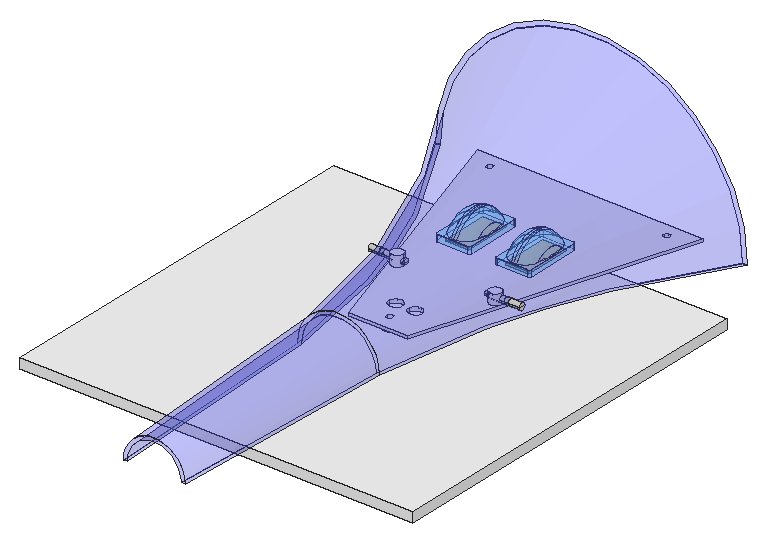
Revit family "BE_50133_de_DE", category Leuchten, Revit 2015
Parameters (values of type "BEGA_50133_K3")
  built-in parameter 1150104 = 8.8258 (stored number, unit not read)
  Wattage = 32 W
  Default Elevation = 0 mm
  built-in parameter 1150113 = 1 (stored number, unit not read)
  built-in parameter 1114218 = 1 (stored number, unit not read)
  Umgebungstemperatur = "25 °C"
  URL = "http://www.bega.de/produkt/50133"
  Typenkommentare = "© 2017 BEGA. Wir behalten uns das Recht vor, technische Änderungen ohne vorherige Ankündigung vorzunehmen."  # constant formula
  built-in parameter 1150134 = (empty or 0)
  built-in parameter 1150109 = 1 (stored number, unit not read)
  Strom = ""
  built-in parameter 1150110 = 1 (stored number, unit not read)
  Spannung = 230 V
  Sonderanfertigung = no
  Seriennummer [instance] = "Hier können Sie die eindeutige Seriennummer für das Facility Management eintragen."
  Schutzklasse = "I"
  Schutzart = ""
  Scheinlast = 0 VA
  Produktdatenblatt = "http://www.bega.de/download/Xrfa/db/50133.db.de.pdf"
  Oberflächentemperatur = ""
  Neigungswinkel = 0.00°
  Modell = "50133K3"
  Material_17 = BEGA_Reflektor
  Material_15 = BEGA_Leuchtmedium_matt
  Material_12 = BEGA_Kunststoff_klar
  Material_11 = BEGA_Glas_opal
  Material_09 = BEGA_Glas_klar
  Material_06 = BEGA_Oberfläche_Edelstahl_gebürstet
  Material_05 = BEGA_Oberfläche_Aluminium Guss
  Material_03 = BEGA_Oberfläche_Weiss_matt
  Material_02 = BEGA_Oberfläche_Silber_matt
  Material_01 [instance] = BEGA_Oberfläche_Grafit_matt
  M_W = no
  M_G = no
  M_A = no
  Logo = 0
  built-in parameter 1114217 = 1 (stored number, unit not read)
  built-in parameter 1150139 = (empty or 0)
  built-in parameter 1150105 = 241.92 (stored number, unit not read)
  built-in parameter 1150114 = 1 (stored number, unit not read)
  Lumens = 3040 lm
  built-in parameter 1150115 = 1 (stored number, unit not read)
  Leuchtenlichtstrom = "2556 lm"
  Leuchtenanzahl = ""
  Lebensdauerkriterien = "L70B50 @ 25 °C =  h"
  Lastklassifizierung = Beleuchtung
  built-in parameter 1150112 = 1 (stored number, unit not read)
  Lampenlichtstrom = "3040 lm"
  Lampe = "LED 32 W"
  LED_Modulbezeichnung = "2x LED-0608/830 "
  Hersteller = "BEGA"  # constant formula
  Halbstreuwinkel = ""
  Gewicht = "1.85 kg"
  Gebrauchslageneinschränkung [instance] = ""
  Frequenz = "50/60 Hz"
  Farbwiedergabeindex = "Ra > 80"
  Farbtemperaturverschiebung bei Dämpfen der Lampe = <Keine Auswahl>
  Farbtemperatur = "3000 K"
  Color Filter = 16777215
  built-in parameter 1150133 = 10 (stored number, unit not read)
  Energieeffizienzklasse = "LED A++ - A"
  built-in parameter 1150137 = (empty or 0)
  built-in parameter 1150132 = (empty or 0)
  ENEC = ""
  Dimmbar [instance] = ""
  Datei für fotometrisches Netz = "BE_50133.IES"
  CE_Konformität = "ja"
  Bestellnummer = "50133K3"
  Beschreibung_Sonderanfertigung = "Hier können Sie Informationen zur Sonderanfertigung eintragen."
  Beschreibung = "Wandleuchte"
  built-in parameter 1150106 = 2.4192 (stored number, unit not read)
  Befestigungsbohrung = "Ø 6,5 mm"
  Befestigungsabstand = "180 x 240 mm"
  Ballwurfsicher = ""
  BEGA_Intern_aus = yes
  BEGA_Intern_an = yes
  BEGA_Intern_Konstruktion = yes
  BEGA_Intern = yes
  BEGA_IES = yes
  BEGA_Dummy = no
  Anschlussleitung = ""
  Anschlussleistung [instance] = "32 W"
  Anschlusskasten = ""
  built-in parameter 1150107 = 3000 (stored number, unit not read)
  built-in parameter 1150102 = (empty or 0)
  built-in parameter 1150138 = (empty or 0)
  Aktualisierung = "2017-09-15T04:10:31"
  Abstand_zur_angestrahlten_Fläche [instance] = ""
  AC/DC = "AC"
Reference planes
  plane 1 "Mitte (Vorne/Hinten)": y = 0
  plane 2: z = 0
  plane 3 "Mitte (Links/Rechts)": x = 0
  plane 4 "Links": x = -159
  plane 5 "Rechts": x = 159
  plane 6 "Unten": y = -278.5
  plane 7 "Oben": y = 278.5
  plane 8 "Vorne": z = 159
  plane 9 "Hinten": z = 0
Forms (mm)
  Extrusion 1, solid, material "BEGA_Platte_Weiss"
    sketch origin (0, -1119.2, 0) x (1, 0, 0) y (0, 1, 0)
      loop
        line (-200, 1319.2) -> (-200, 919.2) -> (200, 919.2) -> (200, 1319.2) -> (-200, 1319.2)
    from 0 to -10
  Extrusion 2, solid, material "BEGA_Dummy_matt", visible <- "BEGA_Dummy"
    sketch origin (80.095, -76.023, 0) x (1, 0, 0) y (0, 1, 0)
      loop
        line (-239.095, 354.523) -> (-239.095, -202.477) -> (78.905, -202.477) -> (78.905, 354.523) -> (-239.095, 354.523)
    from 0 to 159
Dimensions and locks
  plane 1 "Mitte (Vorne/Hinten)" to Extrusion 1 = 200 mm
  aligned and locked: plane 2 to Extrusion 1
  aligned and locked: level to Extrusion 1
Nested families
  nested 1: "BE_50133" at (0, 0, 0), type "BE_50133"
Connectors
  electrical at (0, 0, 0), driven by "Lastklassifizierung", driven by "Spannung", driven by "Scheinlast"
    settings: index 1, voltage 230 V, apparent load 0 VA, apparent load phase1 0 VA, apparent load phase2 0 VA, apparent load phase3 0 VA, power factor 1, load classification "Beleuchtung", number of poles 1, system type 31, power factor state 1, is connector primary yes, connector utility no, sub classification motor no, connector description ""
Definition of nested family "BE_50133"
  Parameters (values of type "BE_50133")
    Default Elevation = 1 mm
    URL = "http://www.bega.de/de/produkt"
    Type Comments = "© 2015 BEGA. Wir behalten uns das Recht vor, technische Änderungen ohne vorherige Ankündigung vorzunehmen. "  # constant formula
    Type Image = (empty or 0)
    Neigungswinkel_um_Z2 = 0.00°
    Neigungswinkel_um_Z1 = 0.00°
    Neigungswinkel_um_Y2 = 0.00°
    Neigungswinkel_um_Y1 = 0.00°
    Neigungswinkel_um_X2 = 0.00°
    Neigungswinkel_um_X1 = 0.00°
    Material_17 = none
    Material_15 = none
    Material_12 = none
    Material_11 = none
    Material_09 = none
    Material_06 = none
    Material_05 = none
    Material_03 = none
    Material_02 = none
    Material_01 = none
    M_W = yes
    M_G = yes
    M_A = yes
    Länge_Platte = 500 mm  # constant formula
    Höhe_Platte = -10 mm  # constant formula
    Manufacturer = "BEGA"  # constant formula
    Drehwinkel_um_Z2 = 0.00°
    Drehwinkel_um_Z1 = 0.00°
    Breite_Platte = 700 mm  # constant formula
  Reference planes
    plane 1 "Mitte (Oben/Unten)": y = 0
    plane 2: z = 0
    plane 3 "Mitte (Links/Rechts)": x = 0
    plane 4: x = -159
    plane 5: z = 159
    plane 6: x = 159
    plane 7: y = -278.5
    plane 8: y = 278.5
  Forms (mm)
    Extrusion 1, solid, detail levels medium
      sketch origin (0, 0, 0) x (1, 0, 0) y (0, 1, 0)
        loop
          line (-250, 350) -> (-250, -350) -> (250, -350) -> (250, 350) -> (-250, 350)
      from 0 to -10 <- "Höhe_Platte"
    Revolve 2, solid, material <- "Material_11", detail levels medium+fine
      sketch origin (0, 0, 0) x (0, 1, 0) y (0, 0, 1)
        loop
          line (-278.5, 31.5) -> (-278.5, 27.5)
          arc (-278.5, 27.5) -> (-160.879, 30.14) -> (-43.496, 38.056) r 2621.17
          arc (-43.496, 38.056) -> (124.979, 75.358) -> (278.5, 154.139) r 675.28
          line (278.5, 154.139) -> (278.5, 159)
          arc (278.5, 159) -> (124.917, 79.589) -> (-43.855, 42.04) r 671.28
          arc (-43.855, 42.04) -> (-161.059, 34.136) -> (-278.5, 31.5) r 2617.17
        axis (278.5, 0) -> (-278.5, 0)
      angle from -90 to 90
    Revolve 3, solid, material <- "Material_12", detail levels medium+fine
      sketch origin (0, 169, 0) x (1, 0, 0) y (0, 0, 1)
        loop
          arc (27.707, 34.362) -> (20.338, 30.927) -> (15.721, 24.236) r 15.5
          arc (15.721, 24.236) -> (14.765, 20.767) -> (14.295, 17.2) r 26.073
          line (14.295, 17.2) -> (46.695, 17.2)
          arc (46.695, 17.2) -> (46.226, 20.767) -> (45.269, 24.236) r 26.073
          arc (45.269, 24.236) -> (40.652, 30.927) -> (33.284, 34.362) r 15.5
          arc (33.284, 34.362) -> (31.894, 34.54) -> (30.495, 34.6) r 16.458
          arc (30.495, 34.6) -> (29.096, 34.54) -> (27.707, 34.362) r 16.458
        axis (14.295, 3.6) -> (46.695, 3.6)
      angle from -90 to 90
    Extrusion 4, void
      sketch origin (0, 18.5, 0) x (0, 1, 0) y (0, 0, 1)
        loop
          line (181.95, 17.2) -> (116.409, 17.2) -> (116.409, -1.303) -> (181.95, -1.303) -> (181.95, 17.2)
      from 12.901 to 48.346
    Extrusion 5, solid, material <- "Material_12", detail levels medium+fine
      sketch origin (0, 0, 0) x (1, 0, 0) y (0, 1, 0)
        loop
          line (45.775, 198.714) -> (15.225, 198.714)
          arc (15.225, 198.714) -> (13.651, 198.154) -> (12.786, 196.726) r 2.489
          line (12.786, 196.726) -> (12.786, 141.275)
          arc (12.786, 141.275) -> (13.651, 139.846) -> (15.225, 139.286) r 2.489
          line (15.225, 139.286) -> (45.775, 139.286)
          arc (45.775, 139.286) -> (47.349, 139.846) -> (48.214, 141.275) r 2.489
          line (48.214, 141.275) -> (48.214, 196.726)
          arc (48.214, 196.726) -> (47.349, 198.154) -> (45.775, 198.714) r 2.489
      from 10.249 to 17.2
    Extrusion 6, solid, material <- "Material_03", detail levels medium+fine
      sketch origin (0, 0, 0) x (1, 0, 0) y (0, 1, 0)
        loop
          line (115, 276.5) -> (-115, 276.5) -> (-30, 6.5) -> (30, 6.5) -> (115, 276.5)
      from 6.994 to 10.249
    Extrusion 7, solid, material <- "Material_15", detail levels medium+fine
      sketch origin (0, 0, 0) x (1, 0, 0) y (0, 1, 0)
        loop
          line (-42, 192.8) -> (-42, 145.2) -> (-19, 145.2) -> (-19, 192.8) -> (-42, 192.8)
      from 10.249 to 12
    Extrusion 8, solid, material <- "Material_03", detail levels medium+fine
      sketch origin (0, 0, 0) x (1, 0, 0) y (0, 1, 0)
        loop
          circle (-90, 261.5) r 6
        loop
          circle (0, 21.5) r 6
        loop
          circle (90, 261.5) r 6
      from 0 to 8.2
    Extrusion 9, void
      sketch origin (0, 0, 0) x (1, 0, 0) y (0, 1, 0)
        loop
          circle (-90, 261.5) r 3.25
        loop
          circle (0, 21.5) r 3.25
        loop
          circle (-10, 41.5) r 7
        loop
          circle (10, 41.5) r 7
        loop
          circle (90, 261.5) r 3.25
      from 0 to 10.75
    Extrusion 10, solid, material <- "Material_03", detail levels medium+fine
      sketch origin (0, 0, 0) x (1, 0, 0) y (0, 1, 0)
        loop
          circle (50, 93.5) r 6
        loop
          circle (-50, 93.5) r 6
      from 9.627 to 20
    Revolve 11, void
      sketch origin (0, 0, 15) x (1, 0, 0) y (0, 1, 0)
        loop
          line (73.071, 97) -> (57.867, 97) -> (57.867, 93.5) -> (73.071, 93.5) -> (73.071, 97)
        axis (57.867, 93.5) -> (73.071, 93.5)
      angle from 0 to 360
    Revolve 12, solid, material <- "Material_06", detail levels fine
      sketch origin (0, 14, 15) x (1, 0, 0) y (0, 1, 0)
        loop
          line (77, 82.5) -> (44, 82.5) -> (43, 81.5) -> (40.764, 81.5)
          arc (40.764, 81.5) -> (40.197, 80.57) -> (40, 79.5) r 3
          line (40, 79.5) -> (77, 79.5) -> (77, 82.5)
        axis (40, 79.5) -> (77, 79.5)
      angle from 0 to 360
    Revolve 13, void
      sketch origin (0, 0, 15) x (-1, 0, 0) y (0, -1, 0)
        loop
          line (73.071, -97) -> (73.071, -93.5) -> (57.867, -93.5) -> (57.867, -97) -> (73.071, -97)
        axis (57.867, -93.5) -> (73.071, -93.5)
      angle from 0 to 360
    Revolve 14, solid, material <- "Material_06", detail levels fine
      sketch origin (0, 14, 15) x (-1, 0, 0) y (0, -1, 0)
        loop
          line (77, -82.5) -> (77, -79.5) -> (40, -79.5)
          arc (40, -79.5) -> (40.197, -80.57) -> (40.764, -81.5) r 3
          line (40.764, -81.5) -> (43, -81.5) -> (44, -82.5) -> (77, -82.5)
        axis (40, -79.5) -> (77, -79.5)
      angle from 0 to 360
    Revolve 15, solid, material <- "Material_12", detail levels medium+fine
      sketch origin (0, 169, 0) x (-1, 0, 0) y (0, 0, -1)
        loop
          arc (27.707, -34.362) -> (29.096, -34.54) -> (30.495, -34.6) r 16.458
          arc (30.495, -34.6) -> (31.894, -34.54) -> (33.284, -34.362) r 16.458
          arc (33.284, -34.362) -> (40.652, -30.927) -> (45.269, -24.236) r 15.5
          arc (45.269, -24.236) -> (46.226, -20.767) -> (46.695, -17.2) r 26.073
          line (46.695, -17.2) -> (14.295, -17.2)
          arc (14.295, -17.2) -> (14.765, -20.767) -> (15.721, -24.236) r 26.073
          arc (15.721, -24.236) -> (20.338, -30.927) -> (27.707, -34.362) r 15.5
        axis (14.295, -3.6) -> (46.695, -3.6)
      angle from -90 to 90
    Extrusion 16, void
      sketch origin (0, 18.5, 0) x (0, 1, 0) y (0, 0, -1)
        loop
          line (181.95, -17.2) -> (181.95, 1.303) -> (116.409, 1.303) -> (116.409, -17.2) -> (181.95, -17.2)
      from 12.901 to 48.346
    Extrusion 17, solid, material <- "Material_12", detail levels medium+fine
      sketch origin (0, 0, 0) x (-1, 0, 0) y (0, -1, 0)
        loop
          arc (45.775, -198.714) -> (47.349, -198.154) -> (48.214, -196.726) r 2.489
          line (48.214, -196.726) -> (48.214, -141.275)
          arc (48.214, -141.275) -> (47.349, -139.846) -> (45.775, -139.286) r 2.489
          line (45.775, -139.286) -> (15.225, -139.286)
          arc (15.225, -139.286) -> (13.651, -139.846) -> (12.786, -141.275) r 2.489
          line (12.786, -141.275) -> (12.786, -196.726)
          arc (12.786, -196.726) -> (13.651, -198.154) -> (15.225, -198.714) r 2.489
          line (15.225, -198.714) -> (45.775, -198.714)
      from 10.249 to 17.2
    Extrusion 18, solid, material <- "Material_15", detail levels medium+fine
      sketch origin (0, 0, 0) x (-1, 0, 0) y (0, -1, 0)
        loop
          line (-42, -192.8) -> (-19, -192.8) -> (-19, -145.2) -> (-42, -145.2) -> (-42, -192.8)
      from 10.249 to 12
  Cuts and joins
    Extrusion 4, Extrusion 9, Revolve 11, Revolve 13 cuts Revolve 2
    Extrusion 4, Extrusion 16 cuts Revolve 3
    Extrusion 16 cuts Extrusion 5
    joined: Revolve 3, Extrusion 5
    Extrusion 9 cuts Extrusion 6
    Extrusion 9, Extrusion 16 cuts Extrusion 8
    Extrusion 16 cuts Extrusion 10
    joined: Extrusion 6, Extrusion 8, Extrusion 10
    Extrusion 16 cuts Revolve 15
    joined: Revolve 15, Extrusion 17
  Dimensions and locks
    equal spacing: Extrusion 1 sketch curve, plane 3 "Mitte (Links/Rechts)", Extrusion 1 sketch curve
    equal spacing: Extrusion 1 sketch curve, plane 1 "Mitte (Oben/Unten)", Extrusion 1 sketch curve
    "Länge_Platte": Extrusion 1 sketch curve to Extrusion 1 sketch curve
    "Breite_Platte": Extrusion 1 sketch curve to Extrusion 1 sketch curve
    aligned and locked: Extrusion 1 to plane 2
    aligned and locked: level to Extrusion 1
  Automatic sketch dimensions
    Revolve 2 sketch curve to level = 0 mm
    plane 1 "Mitte (Oben/Unten)" to Revolve 2 sketch curve = 104.039 mm
    Revolve 2 sketch curve to Revolve 2 sketch curve = 0 mm  (x4)
    level to Revolve 2 sketch curve = 27.5 mm
    Revolve 2 sketch curve to Revolve 2 sketch curve = 4 mm
    Revolve 2 sketch curve to Revolve 2 sketch curve = 4.861 mm
    Revolve 2 sketch curve to Revolve 2 sketch curve = 1938.053 mm
    Revolve 2 sketch curve to plane 1 "Mitte (Oben/Unten)" = 81 mm
    Revolve 2 sketch curve to Revolve 2 sketch curve = 45 mm
    plane 3 "Mitte (Links/Rechts)" to Revolve 3 sketch curve = 14.295 mm
    Revolve 3 sketch curve to Revolve 3 sketch curve = 6.378 mm  (x2)
    Revolve 3 sketch curve to Revolve 3 sketch curve = 9.669 mm
    Revolve 3 sketch curve to Revolve 3 sketch curve = 0.153 mm
    Revolve 3 sketch curve to Revolve 3 sketch curve = 0.002 mm
    Revolve 3 sketch curve to Revolve 3 sketch curve = 0.307 mm
    Revolve 3 sketch curve to Revolve 3 sketch curve = 9.821 mm
    level to Revolve 3 sketch curve = 15.587 mm  (x2)
    Revolve 3 sketch curve to Revolve 3 sketch curve = 1.613 mm
    Revolve 3 sketch curve to Revolve 3 sketch curve = 2.555 mm
    Revolve 3 sketch curve to Revolve 3 sketch curve = 0 mm  (x5)
    Revolve 3 sketch curve to Revolve 3 sketch curve = 0.945 mm
    Revolve 3 sketch curve to Revolve 3 sketch curve = 1.426 mm  (x2)
    level to Revolve 3 sketch curve = 3.6 mm
    Revolve 3 sketch curve to Revolve 3 sketch curve = 3.409 mm
    Revolve 3 sketch curve to Revolve 3 sketch curve = 2.635 mm
    Revolve 3 sketch curve to Revolve 3 sketch curve = 2.788 mm
    Revolve 3 sketch curve to Revolve 3 sketch curve = 2.789 mm
    Revolve 3 sketch curve to Revolve 3 sketch curve = 0.725 mm
    level to Extrusion 4 sketch curve = 17.2 mm
    Extrusion 4 sketch curve to level = 1.303 mm
    plane 3 "Mitte (Links/Rechts)" to Extrusion 5 sketch curve = 12.786 mm
    Extrusion 5 sketch curve to Extrusion 5 sketch curve = 2.438 mm  (x3)
    Extrusion 5 sketch curve to Extrusion 5 sketch curve = 30.551 mm  (x2)
    Extrusion 5 sketch curve to Extrusion 5 sketch curve = 0 mm  (x12)
    Extrusion 5 sketch curve to Extrusion 5 sketch curve = 0.501 mm  (x4)
    Extrusion 6 sketch curve to plane 1 "Mitte (Oben/Unten)" = 6.5 mm
    Extrusion 6 sketch curve to plane 3 "Mitte (Links/Rechts)" = 30 mm
    plane 3 "Mitte (Links/Rechts)" to Extrusion 6 sketch curve = 30 mm
    Extrusion 7 sketch curve to plane 3 "Mitte (Links/Rechts)" = 42 mm
    Extrusion 7 sketch curve to plane 3 "Mitte (Links/Rechts)" = 19 mm
    Extrusion 8 sketch curve to plane 3 "Mitte (Links/Rechts)" = 0 mm
    Extrusion 8 sketch curve to plane 1 "Mitte (Oben/Unten)" = 21.5 mm
    Extrusion 9 sketch curve to plane 3 "Mitte (Links/Rechts)" = 0 mm
    Extrusion 9 sketch curve to plane 3 "Mitte (Links/Rechts)" = 10 mm
    plane 3 "Mitte (Links/Rechts)" to Extrusion 9 sketch curve = 10 mm
    Extrusion 9 sketch curve to plane 1 "Mitte (Oben/Unten)" = 21.5 mm
    Extrusion 9 sketch curve to Extrusion 9 sketch curve = 20 mm
    Extrusion 9 sketch curve to Extrusion 9 sketch curve = 0 mm  (x2)
    Extrusion 10 sketch curve to plane 3 "Mitte (Links/Rechts)" = 50 mm
    plane 3 "Mitte (Links/Rechts)" to Extrusion 10 sketch curve = 50 mm
    Extrusion 10 sketch curve to plane 1 "Mitte (Oben/Unten)" = 93.5 mm  (x2)
    plane 3 "Mitte (Links/Rechts)" to Revolve 11 sketch curve = 57.867 mm
    Revolve 11 sketch curve to Revolve 11 sketch curve = 15.204 mm
    Revolve 11 sketch curve to plane 1 "Mitte (Oben/Unten)" = 93.5 mm
    Revolve 11 sketch curve to Revolve 11 sketch curve = 3.5 mm
    Revolve 11 sketch curve to Revolve 11 sketch curve = 14.747 mm
    Revolve 11 sketch curve to Revolve 11 sketch curve = 5.253 mm
    Revolve 11 sketch curve to Revolve 11 sketch curve = 0 mm
    plane 3 "Mitte (Links/Rechts)" to Revolve 12 sketch curve = 40 mm
    Revolve 12 sketch curve to Revolve 12 sketch curve = 0.764 mm
    Revolve 12 sketch curve to Revolve 12 sketch curve = 2.236 mm
    Revolve 12 sketch curve to Revolve 12 sketch curve = 0 mm  (x2)
    Revolve 12 sketch curve to Revolve 12 sketch curve = 1 mm
    Revolve 12 sketch curve to Revolve 12 sketch curve = 33 mm
    Revolve 12 sketch curve to plane 1 "Mitte (Oben/Unten)" = 93.5 mm
    Revolve 12 sketch curve to Revolve 12 sketch curve = 3 mm
    Revolve 12 sketch curve to Revolve 12 sketch curve = 4.786 mm
    Revolve 12 sketch curve to Revolve 12 sketch curve = 7.3 mm
    Revolve 13 sketch curve to plane 3 "Mitte (Links/Rechts)" = 57.867 mm
    Revolve 13 sketch curve to Revolve 13 sketch curve = 15.204 mm
    Revolve 13 sketch curve to plane 1 "Mitte (Oben/Unten)" = 97 mm
    Revolve 13 sketch curve to Revolve 13 sketch curve = 3.5 mm
    Revolve 13 sketch curve to Revolve 13 sketch curve = 14.747 mm
    Revolve 13 sketch curve to Revolve 13 sketch curve = 5.253 mm
    Revolve 13 sketch curve to Revolve 13 sketch curve = 0 mm
    Revolve 14 sketch curve to plane 3 "Mitte (Links/Rechts)" = 40 mm
    Revolve 14 sketch curve to Revolve 14 sketch curve = 0.764 mm
    Revolve 14 sketch curve to Revolve 14 sketch curve = 2.236 mm
    Revolve 14 sketch curve to Revolve 14 sketch curve = 0 mm  (x2)
    Revolve 14 sketch curve to Revolve 14 sketch curve = 1 mm  (x2)
    Revolve 14 sketch curve to Revolve 14 sketch curve = 33 mm
    Revolve 14 sketch curve to plane 1 "Mitte (Oben/Unten)" = 96.5 mm
    Revolve 14 sketch curve to Revolve 14 sketch curve = 4.786 mm
    Revolve 14 sketch curve to Revolve 14 sketch curve = 7.3 mm
    Revolve 15 sketch curve to plane 3 "Mitte (Links/Rechts)" = 14.295 mm
    Revolve 15 sketch curve to Revolve 15 sketch curve = 6.378 mm  (x2)
    Revolve 15 sketch curve to Revolve 15 sketch curve = 9.669 mm
    Revolve 15 sketch curve to Revolve 15 sketch curve = 0.153 mm
    Revolve 15 sketch curve to Revolve 15 sketch curve = 0.002 mm
    Revolve 15 sketch curve to Revolve 15 sketch curve = 0.307 mm
    Revolve 15 sketch curve to Revolve 15 sketch curve = 9.821 mm
    level to Revolve 15 sketch curve = 19.087 mm
    Revolve 15 sketch curve to Revolve 15 sketch curve = 0 mm  (x5)
    Revolve 15 sketch curve to Revolve 15 sketch curve = 0.945 mm
    Revolve 15 sketch curve to Revolve 15 sketch curve = 1.887 mm
    Revolve 15 sketch curve to Revolve 15 sketch curve = 1.613 mm  (x2)
    Revolve 15 sketch curve to Revolve 15 sketch curve = 1.426 mm  (x2)
    level to Revolve 15 sketch curve = 3.6 mm
    Revolve 15 sketch curve to Revolve 15 sketch curve = 3.409 mm
    Revolve 15 sketch curve to Revolve 15 sketch curve = 2.635 mm
    Revolve 15 sketch curve to Revolve 15 sketch curve = 2.788 mm
    Revolve 15 sketch curve to Revolve 15 sketch curve = 2.789 mm
    Revolve 15 sketch curve to Revolve 15 sketch curve = 0.725 mm
    level to Extrusion 16 sketch curve = 17.2 mm
    Extrusion 16 sketch curve to level = 1.303 mm
    plane 3 "Mitte (Links/Rechts)" to Extrusion 17 sketch curve = 12.786 mm
    Extrusion 17 sketch curve to Extrusion 17 sketch curve = 2.438 mm  (x3)
    Extrusion 17 sketch curve to Extrusion 17 sketch curve = 30.551 mm  (x2)
    Extrusion 17 sketch curve to Extrusion 17 sketch curve = 0 mm  (x12)
    Extrusion 17 sketch curve to Extrusion 17 sketch curve = 0.501 mm  (x4)
    Extrusion 18 sketch curve to plane 3 "Mitte (Links/Rechts)" = 42 mm
    Extrusion 18 sketch curve to plane 3 "Mitte (Links/Rechts)" = 19 mm
    Extrusion 6 sketch curve to plane 3 "Mitte (Links/Rechts)" = 115 mm
    Extrusion 8 sketch curve to plane 3 "Mitte (Links/Rechts)" = 90 mm
    Extrusion 9 sketch curve to plane 3 "Mitte (Links/Rechts)" = 90 mm
    plane 3 "Mitte (Links/Rechts)" to Extrusion 6 sketch curve = 115 mm
    plane 3 "Mitte (Links/Rechts)" to Extrusion 8 sketch curve = 90 mm
    plane 3 "Mitte (Links/Rechts)" to Extrusion 9 sketch curve = 90 mm
    level to Revolve 2 sketch curve = 154.139 mm
    Revolve 2 sketch curve to Revolve 2 sketch curve = 551.617 mm
    Revolve 2 sketch curve to Revolve 2 sketch curve = 152.5 mm
    Extrusion 4 sketch curve to plane 1 "Mitte (Oben/Unten)" = 134.909 mm
    Extrusion 4 sketch curve to Extrusion 4 sketch curve = 65.541 mm
    Extrusion 5 sketch curve to plane 1 "Mitte (Oben/Unten)" = 141.275 mm
    Extrusion 5 sketch curve to Extrusion 5 sketch curve = 54.449 mm
    Extrusion 6 sketch curve to plane 1 "Mitte (Oben/Unten)" = 276.5 mm
    Extrusion 7 sketch curve to plane 1 "Mitte (Oben/Unten)" = 145.2 mm
    Extrusion 7 sketch curve to Extrusion 7 sketch curve = 47.6 mm
    Extrusion 8 sketch curve to Extrusion 8 sketch curve = 240 mm
    Extrusion 8 sketch curve to Extrusion 8 sketch curve = 0 mm
    Extrusion 9 sketch curve to Extrusion 9 sketch curve = 220 mm
    Extrusion 16 sketch curve to plane 1 "Mitte (Oben/Unten)" = 134.909 mm
    Extrusion 16 sketch curve to Extrusion 16 sketch curve = 65.541 mm
    plane 1 "Mitte (Oben/Unten)" to Extrusion 17 sketch curve = 141.275 mm
    Extrusion 17 sketch curve to Extrusion 17 sketch curve = 54.449 mm
    plane 1 "Mitte (Oben/Unten)" to Extrusion 18 sketch curve = 145.2 mm
    Extrusion 18 sketch curve to Extrusion 18 sketch curve = 47.6 mm
    plane 1 "Mitte (Oben/Unten)" to Revolve 2 sketch curve = 278.5 mm
    radius of Extrusion 8 sketch curve = 6 mm  (x3)
    radius of Extrusion 9 sketch curve = 3.25 mm  (x3)
    radius of Extrusion 9 sketch curve = 7 mm  (x2)
    radius of Extrusion 10 sketch curve = 6 mm  (x2)
